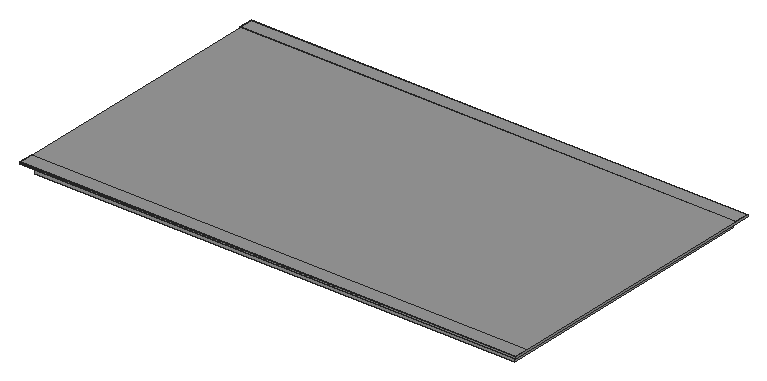
Revit family "UNB_Specchio_Multiproduct_BIM_IT_T3345;T3346;T3347;T3348;T3349_NEW", category Plumbing Fixtures, host Face, Revit 2017
Family settings
  Host = Face
  Round Connector Dimension = Use Diameter
  Part Type = Normal
  Cut with Voids When Loaded = No
  Shared = No
  Room Calculation Point = No
Parameters (values of type "T3349 - 1200 x 700 mirror")
  VersioneClassificazioneUni2015 = "IfcFurnitureType"
  Versione = "1"
  ValoreDellaSuperficie = "n/a"
  UnitàVolume = "litro"
  UnitàSuperficie = "millimetro"
  UnitàMonetaria = "€"
  UnitàLineare = "millimetro"
  UnitàDurataGaranzia = "anno"
  UnitàDurata = "anno"
  URL = "http://www.idealstandard.it"
  TipologiaVaso = "Altro"
  TipoEspotazioneIfc = "IfcFurnitureType"
  TipoDiDato = "Fisso"
  Telefono = "800 652 290"
  Spazio = "interno"
  Sostenibilità = "n/a"
  RiferimentoClassificazioneUni2015 = "MIRRORS"
  Riferimento = "T3349"
  Revisione = "1"
  ProfonditàNominale = 26 mm
  Produttore = "info@idealstandard.it"
  PesoNetto = "10.04 Kg"
  PesoLordo = "n/a"
  PartiDiRicambio = "http://www.idealstandard.it"
  NumeroDiModello = "T3349BH"
  NomeOggettoBim = "ISI_IdealStandard_Specchio_T3349"
  Nome = "ISI_IdealStandard_Specchio_T3349"
  ModelloDiRiferimento = "SPECCHIO HIGH LIGHT 120X70 80W 230W"
  Model = "T3349BH"
  Materiale = "bicchiere"
  Manufacturer = "info@idealstandard.it"
  LunghezzaNominale = 26 mm
  LarghezzaNominale = 1200 mm
  InstruzioniInstallazione = "http://www.idealstandard.it"
  InformazioniGaranzia = "info@idealstandard.it"
  InformazioniDiProdotto = "http://www.idealstandard.it"
  InformaziniGaranzia = "info@idealstandard.it"
  IfcEsportaCome = "BATHROOM FURNITURE"
  Grado = "n/a"
  GaranziaInstallazione = "n/a"
  Garanzia = "garanzia del produttore"
  Forma = "rettangolare"
  Finitura = "specchio"
  DurataGaranziaProdotti = "n/a"
  DurataGaranziaLegale = "n/a"
  DurataGaranzia = "n/a"
  DistribuitoDa = "n/a"
  Dimensione = ""
  DescrizioneClassifcazioneUni2015 = "Bathroom furniture"
  Description = "SPECCHIO HIGH LIGHT 120X70 80W 230W"
  Default Elevation = 1500 mm
  Creato = "Ideal Standard"
  CostoDiSostituzione = 0
  Cost = 0
  Connessione = "piombatura"
  Componenti = "n/a"
  Colore = "specchio"
  CodiceRiferimento = "n/a"
  CodiceDiPrestazione = "EN"
  CodiceArticolo = "n/a"
  CodiceABarre = "8014140447412"
  CicloDiVitaDelProdotto = "n/a"
  Caratteristiche = "SPECCHIO HIGH LIGHT 120X70 80W 230W"
  Brand = "Ideal Standard"
  Autore = "Ideal Standard"
  AltezzaNominale = 700 mm
  Aiuto = "info@idealstandard.it"
  Accessori = "http://www.idealstandard.it"
  Accesso = "n/a"
Types (5, lengths in mm): name | Riferimento | PesoNetto | NumeroDiModello | NomeOggettoBim | Nome | ModelloDiRiferimento | Model | LarghezzaNominale | Description | CodiceABarre | Caratteristiche
  T3345 - 500 x 700 mirror | "T3345" | "4.95 Kg" | "T3345BH" | "ISI_IdealStandard_Specchio_T3345" | "ISI_IdealStandard_Specchio_T3345" | "SPECCHIO HIGH LIGHT 50X70 38,6W 230W" | "T3345BH" | 500 | "SPECCHIO HIGH LIGHT 50X70 38,6W 230W" | "8014140447375" | "SPECCHIO HIGH LIGHT 50X70 38,6W 230W"
  T3346 - 600 x 700 mirror | "T3346" | "5.67 Kg" | "T3346BH" | "ISI_IdealStandard_Specchio_T3346" | "ISI_IdealStandard_Specchio_T3346" | "SPECCHIO HIGH LIGHT 60X70 40,5W 230W" | "T3346BH" | 600 | "SPECCHIO HIGH LIGHT 60X70 40,5W 230W" | "8014140447382" | "SPECCHIO HIGH LIGHT 60X70 40,5W 230W"
  T3347 - 800 x 700 mirror | "T3347" | "7.02 Kg" | "T3347BH" | "ISI_IdealStandard_Specchio_T3347" | "ISI_IdealStandard_Specchio_T3347" | "SPECCHIO HIGH LIGHT 80X70 44,3W 230W" | "T3347BH" | 800 | "SPECCHIO HIGH LIGHT 80X70 44,3W 230W" | "8014140447399" | "SPECCHIO HIGH LIGHT 80X70 44,3W 230W"
  T3348 - 1000 x 700 mirror | "T3348" | "8.64 Kg" | "T3348BH" | "ISI_IdealStandard_Specchio_T3348" | "ISI_IdealStandard_Specchio_T3348" | "SPECCHIO HIGH LIGHT 100X70 76,1W 230W" | "T3348BH" | 1000 | "SPECCHIO HIGH LIGHT 100X70 76,1W 230W" | "8014140447405" | "SPECCHIO HIGH LIGHT 100X70 76,1W 230W"
  T3349 - 1200 x 700 mirror | "T3349" | "10.04 Kg" | "T3349BH" | "ISI_IdealStandard_Specchio_T3349" | "ISI_IdealStandard_Specchio_T3349" | "SPECCHIO HIGH LIGHT 120X70 80W 230W" | "T3349BH" | 1200 | "SPECCHIO HIGH LIGHT 120X70 80W 230W" | "8014140447412" | "SPECCHIO HIGH LIGHT 120X70 80W 230W"
Reference planes
  plane 1 "Center (Front/Back)": y = 0
  plane 2: z = 0
  plane 3 "Center (Left/Right)": x = 0
  plane 4: x = -600
  plane 5: x = 600
  plane 6: y = 350
  plane 7: y = -350
  plane 8: y = 330
  plane 9: y = -330
  plane 10: x = -580
  plane 11: x = 580
  plane 12: y = 315
  plane 13: y = -315
  plane 14: z = 26
  plane 15: z = 22
Forms (mm)
  Extrusion 1, solid, material "Default"
    sketch origin (7.781, 20.991, -18) x (0, 1, 0) y (-1, 0, 0)
      loop
        line (309.009, 587.781) -> (-350.991, 587.781) -> (-350.991, -572.219) -> (309.009, -572.219) -> (309.009, 587.781)
    from 18 to 40
  Extrusion 2, solid, material "ISI_IdealStandard_Mirror_MirrorGlazing_Render"
    sketch origin (-1516.219, -4572, 22) x (-1, 0, 0) y (0, -1, 0)
      loop
        line (-916.219, -4922) -> (-916.219, -4222) -> (-2116.219, -4222) -> (-2116.219, -4922) -> (-916.219, -4922)
    from 0 to 4
  Extrusion 3, solid, material "ISI_IdealStandard_Mirror_IlluminatedArea_Render"
    sketch origin (-1516.219, -4572, 26) x (-1, 0, 0) y (0, -1, 0)
      loop
        line (-916.219, -4922) -> (-916.219, -4887) -> (-2116.219, -4887) -> (-2116.219, -4922) -> (-916.219, -4922)
      loop
        line (-916.219, -4257) -> (-916.219, -4222) -> (-2116.219, -4222) -> (-2116.219, -4257) -> (-916.219, -4257)
    from 0 to 1
Dimensions and locks
  "LarghezzaNominale": plane 4 to plane 5
  equal spacing: plane 6, plane 1 "Center (Front/Back)", plane 7
  "AltezzaNominale": plane 6 to plane 7
  locked: plane 4 to plane 10 at 20
  locked: plane 11 to plane 5 at 20
  locked: plane 6 to plane 8 at 20
  locked: plane 9 to plane 7 at 20
  locked: plane 6 to plane 12 at 35
  locked: plane 13 to plane 7 at 35
  locked: plane 14 to plane 15 at 4
  "ProfonditàNominale": plane 14 to host face
  equal spacing: plane 4, plane 3 "Center (Left/Right)", plane 5
  aligned and locked: plane 2 to host face
  aligned and locked: level to host face
  aligned and locked: Extrusion 1 sketch curve to plane 8
  aligned and locked: plane 10 to Extrusion 1 sketch curve
  aligned and locked: plane 9 to Extrusion 1 sketch curve
  aligned and locked: Extrusion 1 sketch curve to plane 11
  aligned and locked: Extrusion 2 sketch curve to plane 6
  aligned and locked: plane 4 to Extrusion 2 sketch curve
  aligned and locked: plane 7 to Extrusion 2 sketch curve
  aligned and locked: Extrusion 2 sketch curve to plane 5
  aligned and locked: Extrusion 3 sketch curve to Extrusion 2  (x4)
  aligned and locked: Extrusion 3 sketch curve to plane 5
  aligned and locked: plane 4 to Extrusion 3 sketch curve
  aligned and locked: plane 12 to Extrusion 3 sketch curve
  aligned and locked: plane 13 to Extrusion 3 sketch curve
  aligned and locked: plane 14 to Extrusion 2
  aligned and locked: plane 15 to Extrusion 2
Automatic sketch dimensions
  host sketch curve to host sketch curve = 2438.4 mm  (x2)
